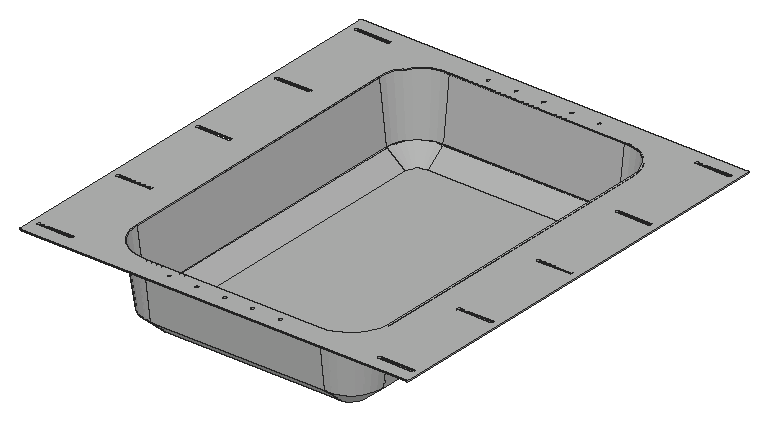
Revit family "PCI QCI IW Back Can", category Communication Devices, Revit 2020
Family settings
  Maintain Annotation Orientation = No
  Round Connector Dimension = Use Diameter
  Part Type = Normal
  Work Plane-Based = Yes
  Always vertical = No
  Cut with Voids When Loaded = Yes
  Shared = No
  Room Calculation Point = No
Parameters
  PMK6 IW [instance] = no
  PMK5 IW [instance] = no
  PMK Vertical Wings [instance] = yes
  PMK Horizontal Wings [instance] = not(PMK Vertical Wings)  # no
  Model = "Back Can S"
  Manufacturer = "Tannoy"
  Default Elevation = 0 mm
Reference planes
  plane 1 "Center (Front/Back)": y = 0
  plane 2: z = 0
  plane 3 "Center (Left/Right)": x = 0
Forms (mm)
  Extrusion 1, solid, material "Aluminium"
    sketch origin (0, 0, 0) x (1, 0, 0) y (0, 1, 0)
      loop
        arc (-241.986, 268.907) -> (-244.108, 268.029) -> (-244.986, 265.907) r 3
        line (-244.986, 265.907) -> (-244.986, -266.209)
        arc (-244.986, -266.209) -> (-244.108, -268.33) -> (-241.986, -269.209) r 3
        line (-241.986, -269.209) -> (242.027, -269.209)
        arc (242.027, -269.209) -> (244.149, -268.33) -> (245.027, -266.209) r 3
        line (245.027, -266.209) -> (245.027, 265.907)
        arc (245.027, 265.907) -> (244.149, 268.029) -> (242.027, 268.907) r 3
        line (242.027, 268.907) -> (-241.986, 268.907)
    from 0 to -1
  Extrusion 2, void
    sketch origin (0, -199.994, 0) x (1, 0, 0) y (0, 1, 0)
      loop
        arc (-234.841, 202.255) -> (-237.094, 200.001) -> (-234.841, 197.748) r 2.253
        line (-234.841, 197.748) -> (-194.328, 197.748)
        arc (-194.328, 197.748) -> (-192.075, 200.001) -> (-194.328, 202.255) r 2.253
        line (-194.328, 202.255) -> (-234.841, 202.255)
    from 0 to -1
  Blend 3, solid, material "Aluminium"
    base sketch origin (0, 0, 0) x (1, 0, 0) y (0, 1, 0)
      loop
        arc (-110.56, 240.396) -> (-145.916, 225.752) -> (-160.56, 190.396) r 50
        line (-160.56, 190.396) -> (-160.56, -190.737)
        arc (-160.56, -190.737) -> (-145.916, -226.093) -> (-110.56, -240.737) r 50
        line (-110.56, -240.737) -> (110.564, -240.737)
        arc (110.564, -240.737) -> (145.919, -226.093) -> (160.564, -190.737) r 50
        line (160.564, -190.737) -> (160.564, 190.396)
        arc (160.564, 190.396) -> (145.919, 225.752) -> (110.564, 240.396) r 50
        line (110.564, 240.396) -> (-110.56, 240.396)
    top sketch origin (0, 0, 0) x (1, 0, 0) y (0, 1, 0)
      loop
        arc (-109.36, 230.492) -> (-138.352, 218.484) -> (-150.36, 189.492) r 41
        line (-150.36, 189.492) -> (-150.36, -189.492)
        arc (-150.36, -189.492) -> (-138.352, -218.484) -> (-109.36, -230.492) r 41
        line (-109.36, -230.492) -> (109.358, -230.492)
        arc (109.358, -230.492) -> (138.35, -218.484) -> (150.358, -189.492) r 41
        line (150.358, -189.492) -> (150.358, 189.492)
        arc (150.358, 189.492) -> (138.35, 218.484) -> (109.358, 230.492) r 41
        line (109.358, 230.492) -> (-109.36, 230.492)
    from -1 to -76
  Blend 4, solid, material "Aluminium"
    base sketch origin (0, 0, 0) x (1, 0, 0) y (0, 1, 0)
      loop
        arc (-109.36, 230.492) -> (-138.352, 218.484) -> (-150.36, 189.492) r 41
        line (-150.36, 189.492) -> (-150.36, -189.492)
        arc (-150.36, -189.492) -> (-138.352, -218.484) -> (-109.36, -230.492) r 41
        line (-109.36, -230.492) -> (109.358, -230.492)
        arc (109.358, -230.492) -> (138.35, -218.484) -> (150.358, -189.492) r 41
        line (150.358, -189.492) -> (150.358, 189.492)
        arc (150.358, 189.492) -> (138.35, 218.484) -> (109.358, 230.492) r 41
        line (109.358, 230.492) -> (-109.36, 230.492)
    top sketch origin (0, 0, 0) x (1, 0, 0) y (0, 1, 0)
      loop
        arc (-109.709, 206.982) -> (-121.73, 202.003) -> (-126.709, 189.982) r 17
        line (-126.709, 189.982) -> (-126.709, -189.984)
        arc (-126.709, -189.984) -> (-121.73, -202.005) -> (-109.709, -206.984) r 17
        line (-109.709, -206.984) -> (109.743, -206.984)
        arc (109.743, -206.984) -> (121.764, -202.005) -> (126.743, -189.984) r 17
        line (126.743, -189.984) -> (126.743, 189.982)
        arc (126.743, 189.982) -> (121.764, 202.003) -> (109.743, 206.982) r 17
        line (109.743, 206.982) -> (-109.709, 206.982)
    from -76 to -96
  Blend 5, void
    base sketch origin (0, 0, 0) x (1, 0, 0) y (0, 1, 0)
      loop
        arc (-110.66, 239.496) -> (-145.309, 225.145) -> (-159.66, 190.496) r 49
        line (-159.66, 190.496) -> (-159.66, -190.837)
        arc (-159.66, -190.837) -> (-145.309, -225.486) -> (-110.66, -239.837) r 49
        line (-110.66, -239.837) -> (110.664, -239.837)
        arc (110.664, -239.837) -> (145.312, -225.486) -> (159.664, -190.837) r 49
        line (159.664, -190.837) -> (159.664, 190.496)
        arc (159.664, 190.496) -> (145.312, 225.145) -> (110.664, 239.496) r 49
        line (110.664, 239.496) -> (-110.66, 239.496)
    top sketch origin (0, 0, 0) x (1, 0, 0) y (0, 1, 0)
      loop
        arc (-109.47, 229.592) -> (-137.748, 217.879) -> (-149.46, 189.602) r 39.99
        line (-149.46, 189.602) -> (-149.46, -189.592)
        arc (-149.46, -189.592) -> (-137.745, -217.876) -> (-109.46, -229.592) r 40
        line (-109.46, -229.592) -> (109.458, -229.592)
        arc (109.458, -229.592) -> (137.743, -217.876) -> (149.458, -189.592) r 40
        line (149.458, -189.592) -> (149.458, 189.592)
        arc (149.458, 189.592) -> (137.743, 217.876) -> (109.458, 229.592) r 40
        line (109.458, 229.592) -> (-109.47, 229.592)
    from 0 to -75.5
  Blend 6, void
    base sketch origin (0, 0, 0) x (1, 0, 0) y (0, 1, 0)
      loop
        arc (-109.47, 229.592) -> (-137.748, 217.879) -> (-149.46, 189.602) r 39.99
        line (-149.46, 189.602) -> (-149.46, -189.592)
        arc (-149.46, -189.592) -> (-137.745, -217.876) -> (-109.46, -229.592) r 40
        line (-109.46, -229.592) -> (109.458, -229.592)
        arc (109.458, -229.592) -> (137.743, -217.876) -> (149.458, -189.592) r 40
        line (149.458, -189.592) -> (149.458, 189.592)
        arc (149.458, 189.592) -> (137.743, 217.876) -> (109.458, 229.592) r 40
        line (109.458, 229.592) -> (-109.47, 229.592)
    top sketch origin (0, 0, 0) x (1, 0, 0) y (0, 1, 0)
      loop
        arc (-110.051, 206.182) -> (-121.365, 201.496) -> (-126.051, 190.182) r 16
        line (-126.051, 190.182) -> (-126.051, -190.184)
        arc (-126.051, -190.184) -> (-121.365, -201.498) -> (-110.051, -206.184) r 16
        line (-110.051, -206.184) -> (110.051, -206.184)
        arc (110.051, -206.184) -> (121.364, -201.498) -> (126.051, -190.184) r 16
        line (126.051, -190.184) -> (126.051, 190.182)
        arc (126.051, 190.182) -> (121.364, 201.496) -> (110.051, 206.182) r 16
        line (110.051, 206.182) -> (-110.051, 206.182)
    from -75.5 to -95
  Extrusion 7, void
    sketch origin (0, 48.397, 0) x (1, 0, 0) y (0, 1, 0)
      loop
        circle (-69.982, 202.997) r 1.712
    from 0 to -1
  Extrusion 8, void
    sketch origin (34.953, 48.397, 0) x (1, 0, 0) y (0, 1, 0)
      loop
        circle (-69.982, 202.997) r 1.712
    from 0 to -1
  Extrusion 9, void
    sketch origin (104.951, 48.397, 0) x (1, 0, 0) y (0, 1, 0)
      loop
        circle (-69.982, 202.997) r 1.712
    from 0 to -1
  Extrusion 10, void
    sketch origin (139.95, 48.397, 0) x (1, 0, 0) y (0, 1, 0)
      loop
        circle (-69.982, 202.997) r 1.712
    from 0 to -1
  Extrusion 11, void
    sketch origin (139.95, -454.656, 0) x (1, 0, 0) y (0, 1, 0)
      loop
        circle (-69.982, 202.997) r 1.712
    from 0 to -1
  Extrusion 12, void
    sketch origin (104.968, -454.656, 0) x (1, 0, 0) y (0, 1, 0)
      loop
        circle (-69.982, 202.997) r 1.712
    from 0 to -1
  Extrusion 13, void
    sketch origin (69.969, -454.656, 0) x (1, 0, 0) y (0, 1, 0)
      loop
        circle (-69.982, 202.997) r 1.712
    from 0 to -1
  Extrusion 14, void
    sketch origin (34.97, -454.656, 0) x (1, 0, 0) y (0, 1, 0)
      loop
        circle (-69.982, 202.997) r 1.712
    from 0 to -1
  Extrusion 15, void
    sketch origin (-0.029, -454.656, 0) x (1, 0, 0) y (0, 1, 0)
      loop
        circle (-69.982, 202.997) r 1.712
    from 0 to -1
  Extrusion 16, void
    sketch origin (69.952, 48.397, 0) x (1, 0, 0) y (0, 1, 0)
      loop
        circle (-69.982, 202.997) r 1.712
    from 0 to -1
  Extrusion 17, void
    sketch origin (0, -75.143, 0) x (1, 0, 0) y (0, 1, 0)
      loop
        arc (-234.841, 202.255) -> (-237.094, 200.001) -> (-234.841, 197.748) r 2.253
        line (-234.841, 197.748) -> (-194.328, 197.748)
        arc (-194.328, 197.748) -> (-192.075, 200.001) -> (-194.328, 202.255) r 2.253
        line (-194.328, 202.255) -> (-234.841, 202.255)
    from 0 to -1
  Extrusion 18, void
    sketch origin (0, 50.006, 0) x (1, 0, 0) y (0, 1, 0)
      loop
        arc (-234.841, 202.255) -> (-237.094, 200.001) -> (-234.841, 197.748) r 2.253
        line (-234.841, 197.748) -> (-194.328, 197.748)
        arc (-194.328, 197.748) -> (-192.075, 200.001) -> (-194.328, 202.255) r 2.253
        line (-194.328, 202.255) -> (-234.841, 202.255)
    from 0 to -1
  Extrusion 19, void
    sketch origin (0, -325.144, 0) x (1, 0, 0) y (0, 1, 0)
      loop
        arc (-234.841, 202.255) -> (-237.094, 200.001) -> (-234.841, 197.748) r 2.253
        line (-234.841, 197.748) -> (-194.328, 197.748)
        arc (-194.328, 197.748) -> (-192.075, 200.001) -> (-194.328, 202.255) r 2.253
        line (-194.328, 202.255) -> (-234.841, 202.255)
    from 0 to -1
  Extrusion 20, void
    sketch origin (0, -449.995, 0) x (1, 0, 0) y (0, 1, 0)
      loop
        arc (-234.841, 202.255) -> (-237.094, 200.001) -> (-234.841, 197.748) r 2.253
        line (-234.841, 197.748) -> (-194.328, 197.748)
        arc (-194.328, 197.748) -> (-192.075, 200.001) -> (-194.328, 202.255) r 2.253
        line (-194.328, 202.255) -> (-234.841, 202.255)
    from 0 to -1
  Extrusion 21, void
    sketch origin (0, -75.143, 0) x (-1, 0, 0) y (0, -1, 0)
      loop
        line (-234.841, -202.255) -> (-194.328, -202.255)
        arc (-194.328, -202.255) -> (-192.075, -200.001) -> (-194.328, -197.748) r 2.253
        line (-194.328, -197.748) -> (-234.841, -197.748)
        arc (-234.841, -197.748) -> (-237.094, -200.001) -> (-234.841, -202.255) r 2.253
    from 0 to -1
  Extrusion 22, void
    sketch origin (0, 50.006, 0) x (-1, 0, 0) y (0, -1, 0)
      loop
        line (-234.841, -202.255) -> (-194.328, -202.255)
        arc (-194.328, -202.255) -> (-192.075, -200.001) -> (-194.328, -197.748) r 2.253
        line (-194.328, -197.748) -> (-234.841, -197.748)
        arc (-234.841, -197.748) -> (-237.094, -200.001) -> (-234.841, -202.255) r 2.253
    from 0 to -1
  Extrusion 23, void
    sketch origin (0, -325.144, 0) x (-1, 0, 0) y (0, -1, 0)
      loop
        line (-234.841, -202.255) -> (-194.328, -202.255)
        arc (-194.328, -202.255) -> (-192.075, -200.001) -> (-194.328, -197.748) r 2.253
        line (-194.328, -197.748) -> (-234.841, -197.748)
        arc (-234.841, -197.748) -> (-237.094, -200.001) -> (-234.841, -202.255) r 2.253
    from 0 to -1
  Extrusion 24, void
    sketch origin (0, -449.995, 0) x (-1, 0, 0) y (0, -1, 0)
      loop
        line (-234.841, -202.255) -> (-194.328, -202.255)
        arc (-194.328, -202.255) -> (-192.075, -200.001) -> (-194.328, -197.748) r 2.253
        line (-194.328, -197.748) -> (-234.841, -197.748)
        arc (-234.841, -197.748) -> (-237.094, -200.001) -> (-234.841, -202.255) r 2.253
    from 0 to -1
  Extrusion 25, void
    sketch origin (0, -199.994, 0) x (-1, 0, 0) y (0, -1, 0)
      loop
        line (-234.841, -202.255) -> (-194.328, -202.255)
        arc (-194.328, -202.255) -> (-192.075, -200.001) -> (-194.328, -197.748) r 2.253
        line (-194.328, -197.748) -> (-234.841, -197.748)
        arc (-234.841, -197.748) -> (-237.094, -200.001) -> (-234.841, -202.255) r 2.253
    from 0 to -1
Cuts and joins
  Extrusion 2, Blend 5, Extrusion 7, Extrusion 8, Extrusion 9, Extrusion 10, Extrusion 11, Extrusion 12, Extrusion 13, Extrusion 14, Extrusion 15, Extrusion 16, Extrusion 17, Extrusion 18, Extrusion 19, Extrusion 20, Extrusion 21, Extrusion 22, Extrusion 23, Extrusion 24, Extrusion 25 cuts Extrusion 1
  Blend 5, Blend 6 cuts Blend 3
  Blend 5, Blend 6 cuts Blend 4
Lines and regions (mm)
  Split face 1
    outline origin (0.002, 239.496, 0) x (0, -0.130074, -0.991504) y (1, 0, 0)
      loop
        circle (41.009, 0) r 11
  Split face 2
    outline origin (0.002, 240.396, -1) x (1, 0, 0) y (0, -0.13092, -0.991393)
      loop
        circle (0, 40.135) r 11
  model lines
    curve 1: circle (-69.954, 251.403, 0) r 8.54 normal (0, 0, 1)
    curve 2: circle (-69.997, 251.388, 0) r 11.613 normal (0, 0, 1)
    curve 3: circle (-35.001, 251.403, 0) r 8.54 normal (0, 0, 1)
    curve 4: circle (-35.044, 251.388, 0) r 11.613 normal (0, 0, 1)
    curve 5: circle (34.997, 251.403, 0) r 8.54 normal (0, 0, 1)
    curve 6: circle (34.954, 251.388, 0) r 11.613 normal (0, 0, 1)
    curve 7: circle (69.996, 251.403, 0) r 8.54 normal (0, 0, 1)
    curve 8: circle (69.953, 251.388, 0) r 11.613 normal (0, 0, 1)
    curve 9: circle (69.996, -251.65, 0) r 8.54 normal (0, 0, 1)
    curve 10: circle (69.953, -251.665, 0) r 11.613 normal (0, 0, 1)
    curve 11: circle (35.014, -251.65, 0) r 8.54 normal (0, 0, 1)
    curve 12: circle (34.971, -251.665, 0) r 11.613 normal (0, 0, 1)
    curve 13: circle (0.015, -251.65, 0) r 8.54 normal (0, 0, 1)
    curve 14: circle (-0.028, -251.665, 0) r 11.613 normal (0, 0, 1)
    curve 15: circle (-34.984, -251.65, 0) r 8.54 normal (0, 0, 1)
    curve 16: circle (-35.027, -251.665, 0) r 11.613 normal (0, 0, 1)
    curve 17: circle (-69.983, -251.65, 0) r 8.54 normal (0, 0, 1)
    curve 18: circle (-70.026, -251.665, 0) r 11.613 normal (0, 0, 1)
    curve 19: circle (-0.002, 251.403, 0) r 8.54 normal (0, 0, 1)
    curve 20: circle (-0.045, 251.388, 0) r 11.613 normal (0, 0, 1)
Dimensions and locks
  aligned and locked: level to plane 2
Nested families
  nested 1: "PMK6 IW" at (0, 0, 0.5), visible <- "PMK6 IW", Vertical Wings <- "PMK Vertical Wings", type "PMK6 IW"
    with Vertical Wings yes, Horizontal Wings no
  nested 2: "PMK5 IW" at (0, 0, 0.5), visible <- "PMK5 IW", Vertical Wings <- "PMK Vertical Wings", type "PMK5 IW"
    with Vertical Wings yes, Horizontal Wings no
Connectors
  cabletrayconduit at (0, 236.406, -31.219), diameter 13
    settings: on cut or joined group of Blend 3, Blend 5, Blend 6, index 1, connector width 300 mm, connector height 300 mm, connector angle 0.00°, system type 32, placement type 0, profile type 0, connector reference index -1, is primary connector yes, connector utility param no, connector description "1/2\""
Definition of nested family "PMK6 IW"
  Parameters (values of type "PMK6 IW")
    Vertical Wings [instance] = yes
    Model = "PMK6 IW"
    Manufacturer = "Tannoy"
    Horizontal Wings [instance] = not(Vertical Wings)  # no
    Default Elevation = 0 mm
  Reference planes
    plane 1 "Center (Front/Back)": y = 0
    plane 2: z = 0
    plane 3 "Center (Left/Right)": x = 0
  Forms (mm)
    Extrusion 1, solid
      sketch origin (0, 0, 0) x (1, 0, 0) y (0, 1, 0)
        loop
          line (111.325, 50.926) -> (111.325, 153.944)
          arc (111.325, 153.944) -> (110.974, 154.793) -> (110.125, 155.144) r 1.2
          line (110.125, 155.144) -> (50.924, 155.144) -> (50.924, 153.17) -> (-50.924, 153.17) -> (-50.924, 155.144) -> (-110.125, 155.144)
          arc (-110.125, 155.144) -> (-110.974, 154.793) -> (-111.325, 153.944) r 1.2
          line (-111.325, 153.944) -> (-111.325, 50.926) -> (-109.35, 50.926) -> (-109.35, -50.925) -> (-111.325, -50.925) -> (-111.325, -153.944)
          arc (-111.325, -153.944) -> (-110.974, -154.793) -> (-110.125, -155.144) r 1.2
          line (-110.125, -155.144) -> (-50.924, -155.144) -> (-50.924, -153.17) -> (50.924, -153.17) -> (50.924, -155.144) -> (110.125, -155.144)
          arc (110.125, -155.144) -> (110.974, -154.793) -> (111.325, -153.944) r 1.2
          line (111.325, -153.944) -> (111.325, -50.925) -> (109.35, -50.925) -> (109.35, 50.926) -> (111.325, 50.926)
      from 0 to -10
    Extrusion 2, solid
      sketch origin (0, 0, 0) x (1, 0, 0) y (0, 1, 0)
        loop
          line (-96.322, -143.3) -> (96.322, -143.3) -> (96.322, 143.304) -> (-96.322, 143.304) -> (-96.322, -143.3)
      from 0 to 10
    Extrusion 3, solid, visible <- "Horizontal Wings"
      sketch origin (-0.777, 0.231, 0) x (1, 0, 0) y (0, 1, 0)
        loop
          line (110.127, 49.115) -> (110.127, -49.578) -> (132.236, -49.578) -> (132.236, 49.115) -> (110.127, 49.115)
      from 0 to -3.3
    Extrusion 4, void
      sketch origin (0, 0, 0) x (1, 0, 0) y (0, 1, 0)
        loop
          line (-93.163, -140.142) -> (93.163, -140.142) -> (93.163, 140.142) -> (-93.163, 140.142) -> (-93.163, -140.142)
      from 10 to -10
    Extrusion 5, solid, visible <- "Horizontal Wings"
      sketch origin (-8.038, 0, 0) x (1, 0, 0) y (0, 1, 0)
        loop
          line (139.496, 49.347) -> (139.496, -49.347) -> (459.425, -49.347)
          arc (459.425, -49.347) -> (460.98, -48.702) -> (461.625, -47.147) r 2.2
          line (461.625, -47.147) -> (461.625, 47.147)
          arc (461.625, 47.147) -> (460.98, 48.702) -> (459.425, 49.347) r 2.2
          line (459.425, 49.347) -> (139.496, 49.347)
      from 0 to -1
    Extrusion 6, solid, visible <- "Horizontal Wings"
      sketch origin (0.777, 0.231, 0) x (-1, 0, 0) y (0, -1, 0)
        loop
          line (110.127, -49.115) -> (132.236, -49.115) -> (132.236, 49.578) -> (110.127, 49.578) -> (110.127, -49.115)
      from 0 to -3.3
    Extrusion 7, solid, visible <- "Horizontal Wings"
      sketch origin (8.038, 0, 0) x (-1, 0, 0) y (0, -1, 0)
        loop
          line (139.496, -49.347) -> (459.425, -49.347)
          arc (459.425, -49.347) -> (460.98, -48.702) -> (461.625, -47.147) r 2.2
          line (461.625, -47.147) -> (461.625, 47.147)
          arc (461.625, 47.147) -> (460.98, 48.702) -> (459.425, 49.347) r 2.2
          line (459.425, 49.347) -> (139.496, 49.347) -> (139.496, -49.347)
      from 0 to -1
    Extrusion 8, solid, visible <- "Vertical Wings"
      sketch origin (-0.231, 43.043, 0) x (0, 1, 0) y (-1, 0, 0)
        loop
          line (110.127, 49.115) -> (110.127, -49.578) -> (132.236, -49.578) -> (132.236, 49.115) -> (110.127, 49.115)
      from 0 to -3.3
    Extrusion 9, solid, visible <- "Vertical Wings"
      sketch origin (0, 35.783, 0) x (0, 1, 0) y (-1, 0, 0)
        loop
          line (139.496, 49.347) -> (139.496, -49.347) -> (459.425, -49.347)
          arc (459.425, -49.347) -> (460.98, -48.702) -> (461.625, -47.147) r 2.2
          line (461.625, -47.147) -> (461.625, 47.147)
          arc (461.625, 47.147) -> (460.98, 48.702) -> (459.425, 49.347) r 2.2
          line (459.425, 49.347) -> (139.496, 49.347)
      from 0 to -1
    Extrusion 10, solid, visible <- "Vertical Wings"
      sketch origin (-0.231, -43.043, 0) x (0, -1, 0) y (1, 0, 0)
        loop
          line (110.127, 49.578) -> (110.127, -49.115) -> (132.236, -49.115) -> (132.236, 49.578) -> (110.127, 49.578)
      from 0 to -3.3
    Extrusion 11, solid, visible <- "Vertical Wings"
      sketch origin (0, -35.783, 0) x (0, -1, 0) y (1, 0, 0)
        loop
          line (139.496, 49.347) -> (139.496, -49.347) -> (459.425, -49.347)
          arc (459.425, -49.347) -> (460.98, -48.702) -> (461.625, -47.147) r 2.2
          line (461.625, -47.147) -> (461.625, 47.147)
          arc (461.625, 47.147) -> (460.98, 48.702) -> (459.425, 49.347) r 2.2
          line (459.425, 49.347) -> (139.496, 49.347)
      from 0 to -1
  Cuts and joins
    Extrusion 4 cuts Extrusion 1
    Extrusion 4 cuts Extrusion 2
    joined: Extrusion 1, Extrusion 2
    Extrusion 4 cuts Extrusion 3
  Dimensions and locks
    aligned and locked: level to plane 2
Definition of nested family "PMK5 IW"
  Parameters (values of type "PMK5 IW")
    Vertical Wings [instance] = yes
    Model = "PMK5 IW"
    Manufacturer = "Tannoy"
    Horizontal Wings [instance] = not(Vertical Wings)  # no
    Default Elevation = 0 mm
  Reference planes
    plane 1 "Center (Front/Back)": y = 0
    plane 2: z = 0
    plane 3 "Center (Left/Right)": x = 0
  Forms (mm)
    Extrusion 1, solid
      sketch origin (0, 0, 0) x (1, 0, 0) y (0, 1, 0)
        loop
          line (94.406, 50.926) -> (94.406, 127.644)
          arc (94.406, 127.644) -> (94.054, 128.492) -> (93.206, 128.844) r 1.2
          line (93.206, 128.844) -> (50.924, 128.844) -> (50.924, 126.87) -> (-50.924, 126.87) -> (-50.924, 128.844) -> (-93.206, 128.844)
          arc (-93.206, 128.844) -> (-94.054, 128.492) -> (-94.406, 127.644) r 1.2
          line (-94.406, 127.644) -> (-94.406, 50.926) -> (-92.43, 50.926) -> (-92.43, -50.925) -> (-94.406, -50.925) -> (-94.406, -127.644)
          arc (-94.406, -127.644) -> (-94.054, -128.492) -> (-93.206, -128.844) r 1.2
          line (-93.206, -128.844) -> (-50.924, -128.844) -> (-50.924, -126.87) -> (50.924, -126.87) -> (50.924, -128.844) -> (93.206, -128.844)
          arc (93.206, -128.844) -> (94.054, -128.492) -> (94.406, -127.644) r 1.2
          line (94.406, -127.644) -> (94.406, -50.925) -> (92.43, -50.925) -> (92.43, 50.926) -> (94.406, 50.926)
      from 0 to -10
    Extrusion 2, solid
      sketch origin (0, 0, 0) x (1, 0, 0) y (0, 1, 0)
        loop
          line (-79.597, -116.997) -> (79.597, -116.997) -> (79.597, 116.997) -> (-79.597, 116.997) -> (-79.597, -116.997)
      from 0 to 10
    Extrusion 3, solid, visible <- "Horizontal Wings"
      sketch origin (-17.697, 0.231, 0) x (1, 0, 0) y (0, 1, 0)
        loop
          line (110.127, 49.115) -> (110.127, -49.578) -> (132.236, -49.578) -> (132.236, 49.115) -> (110.127, 49.115)
      from 0 to -3.3
    Extrusion 4, void
      sketch origin (0, 0, 0) x (1, 0, 0) y (0, 1, 0)
        loop
          line (-76.264, -113.665) -> (76.264, -113.665) -> (76.264, 113.665) -> (-76.264, 113.665) -> (-76.264, -113.665)
      from 10 to -10
    Extrusion 5, solid, visible <- "Horizontal Wings"
      sketch origin (-24.957, 0, 0) x (1, 0, 0) y (0, 1, 0)
        loop
          line (139.496, 49.347) -> (139.496, -49.347) -> (459.425, -49.347)
          arc (459.425, -49.347) -> (460.98, -48.702) -> (461.625, -47.147) r 2.2
          line (461.625, -47.147) -> (461.625, 47.147)
          arc (461.625, 47.147) -> (460.98, 48.702) -> (459.425, 49.347) r 2.2
          line (459.425, 49.347) -> (139.496, 49.347)
      from 0 to -1
    Extrusion 6, solid, visible <- "Horizontal Wings"
      sketch origin (17.697, 0.231, 0) x (-1, 0, 0) y (0, -1, 0)
        loop
          line (110.127, -49.115) -> (132.236, -49.115) -> (132.236, 49.578) -> (110.127, 49.578) -> (110.127, -49.115)
      from 0 to -3.3
    Extrusion 7, solid, visible <- "Horizontal Wings"
      sketch origin (24.957, 0, 0) x (-1, 0, 0) y (0, -1, 0)
        loop
          line (139.496, -49.347) -> (459.425, -49.347)
          arc (459.425, -49.347) -> (460.98, -48.702) -> (461.625, -47.147) r 2.2
          line (461.625, -47.147) -> (461.625, 47.147)
          arc (461.625, 47.147) -> (460.98, 48.702) -> (459.425, 49.347) r 2.2
          line (459.425, 49.347) -> (139.496, 49.347) -> (139.496, -49.347)
      from 0 to -1
    Extrusion 8, solid, visible <- "Vertical Wings"
      sketch origin (-0.231, 16.743, 0) x (0, 1, 0) y (-1, 0, 0)
        loop
          line (110.127, 49.115) -> (110.127, -49.578) -> (132.236, -49.578) -> (132.236, 49.115) -> (110.127, 49.115)
      from 0 to -3.3
    Extrusion 9, solid, visible <- "Vertical Wings"
      sketch origin (0, 9.482, 0) x (0, 1, 0) y (-1, 0, 0)
        loop
          line (139.496, 49.347) -> (139.496, -49.347) -> (459.425, -49.347)
          arc (459.425, -49.347) -> (460.98, -48.702) -> (461.625, -47.147) r 2.2
          line (461.625, -47.147) -> (461.625, 47.147)
          arc (461.625, 47.147) -> (460.98, 48.702) -> (459.425, 49.347) r 2.2
          line (459.425, 49.347) -> (139.496, 49.347)
      from 0 to -1
    Extrusion 10, solid, visible <- "Vertical Wings"
      sketch origin (-0.231, -16.743, 0) x (0, -1, 0) y (1, 0, 0)
        loop
          line (110.127, 49.578) -> (110.127, -49.115) -> (132.236, -49.115) -> (132.236, 49.578) -> (110.127, 49.578)
      from 0 to -3.3
    Extrusion 11, solid, visible <- "Vertical Wings"
      sketch origin (0, -9.482, 0) x (0, -1, 0) y (1, 0, 0)
        loop
          line (139.496, 49.347) -> (139.496, -49.347) -> (459.425, -49.347)
          arc (459.425, -49.347) -> (460.98, -48.702) -> (461.625, -47.147) r 2.2
          line (461.625, -47.147) -> (461.625, 47.147)
          arc (461.625, 47.147) -> (460.98, 48.702) -> (459.425, 49.347) r 2.2
          line (459.425, 49.347) -> (139.496, 49.347)
      from 0 to -1
  Cuts and joins
    Extrusion 4 cuts Extrusion 1
    Extrusion 4 cuts Extrusion 2
    joined: Extrusion 1, Extrusion 2
    Extrusion 4 cuts Extrusion 3
  Dimensions and locks
    aligned and locked: level to plane 2
